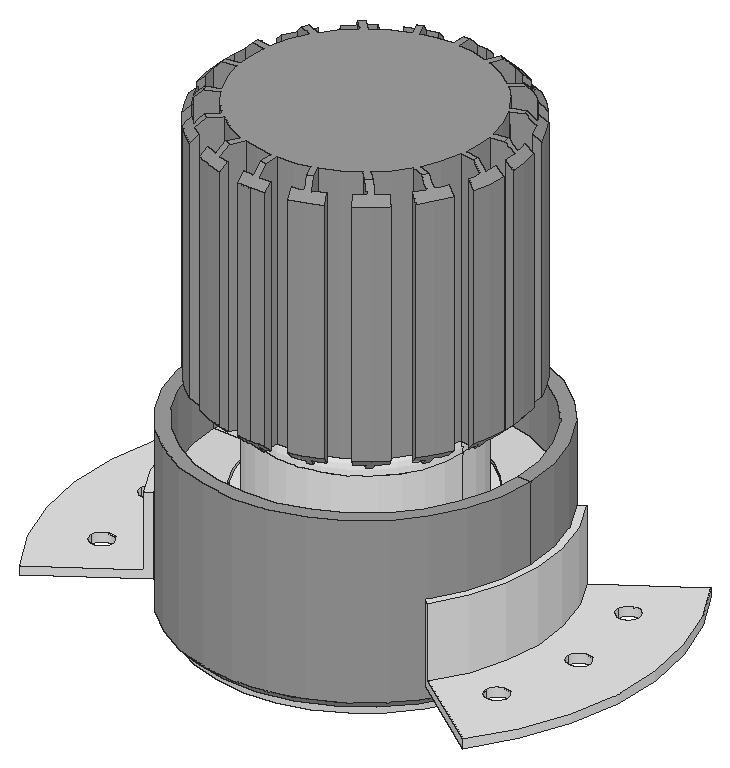
Revit family "Alcon-14143-R-Revit-Family", category Lighting Fixtures, host Ceiling, Revit 2021
Family settings
  Host = Ceiling
  Round Connector Dimension = Use Diameter
  Part Type = Normal
  Always vertical = Yes
  Cut with Voids When Loaded = No
  Light Source = Yes
  Shared = No
  Room Calculation Point = No
Parameters
  Wattage = 9.2903 W
  built-in parameter 1150110 = 1 (stored number, unit not read)
  built-in parameter 1114217 = 1 (stored number, unit not read)
  Tilt Angle = 60.00°
  built-in parameter 1150109 = 1 (stored number, unit not read)
  built-in parameter 1150134 = 3
  built-in parameter 1150113 = 1 (stored number, unit not read)
  built-in parameter 1010507 = 1.5708 (stored number, unit not read)
  built-in parameter 1010506 = 0.5236 (stored number, unit not read)
  Reflector = Reflector
  Product Identity = "Alcon Light 14143-R"
  Mud Ring = Plastic
  Manufacturer = "Alcon Light"
  built-in parameter 1150105 = 4614.1 (stored number, unit not read)
  Lumens = 1380 lm
  built-in parameter 1150115 = 1 (stored number, unit not read)
  Link To Product Page = "https://www.alconlighting.com/14143-3-inch-round-architectural-led-trimless-recessed-light-fixture.html"
  Light Source Symbol Length = 10' - 0"
  Light Source = Light Source
  built-in parameter 1150137 = (empty or 0)
  built-in parameter 1150139 = (empty or 0)
  built-in parameter 1150112 = 1 (stored number, unit not read)
  built-in parameter 1150114 = 1 (stored number, unit not read)
  built-in parameter 1150132 = (empty or 0)
  built-in parameter 1150102 = (empty or 0)
  built-in parameter 1150107 = 3200 (stored number, unit not read)
  built-in parameter 1150138 = (empty or 0)
  built-in parameter 1150106 = 46.141 (stored number, unit not read)
  Housing = Default
  built-in parameter 1150104 = 13.8 (stored number, unit not read)
  Dimming Lamp Color Temperature Shift = (empty or 0)
  Default Elevation = 0' - 0"
  Color Filter = 16777215
  built-in parameter 1114218 = 1 (stored number, unit not read)
  built-in parameter 1150133 = 10 (stored number, unit not read)
Reference planes (in)
  plane 1 "Center (Front/Back)": y = 0
  plane 2 "Ceiling": z = 96
  plane 3 "Center (Left/Right)": x = 0
Forms (in)
  Extrusion 1, solid, material "Plastic" <- "Mud Ring"
    sketch origin (0, 0, 96) x (1, 0, 0) y (0, 1, 0)
      loop
        line (-2.2225, -1.55453) -> (-1.36028, -0.95145)
        arc (-1.36028, -0.95145) -> (-1.66, 0) -> (-1.36028, 0.95145) r 1.66
        line (-1.36028, 0.95145) -> (-2.2225, 1.55453)
        arc (-2.2225, 1.55453) -> (-2.735, 0) -> (-2.2225, -1.55453) r 2.61386
      loop
        arc (2.2225, -1.55453) -> (2.735, 0) -> (2.2225, 1.55453) r 2.61386
        line (2.2225, 1.55453) -> (1.36028, 0.95145)
        arc (1.36028, 0.95145) -> (1.66, 0) -> (1.36028, -0.95145) r 1.66
        line (1.36028, -0.95145) -> (2.2225, -1.55453)
      loop
        circle (-1.98381, 0.8256) r 0.11065
      loop
        circle (-1.98381, -0.8256) r 0.11065
      loop
        circle (-2.14758, 0) r 0.11065
      loop
        circle (1.98381, 0.8256) r 0.11065
      loop
        circle (1.98381, -0.8256) r 0.11065
      loop
        circle (2.14758, 0) r 0.11065
    from 0.125 to 0.9045
  Extrusion 2, void
    sketch origin (0, 0, 96) x (1, 0, 0) y (0, 1, 0)
      loop
        line (-2.2225, -1.55453) -> (-1.4275, -0.99846)
        arc (-1.4275, -0.99846) -> (-1.74203, 0) -> (-1.4275, 0.99846) r 1.74203
        line (-1.4275, 0.99846) -> (-2.2225, 1.55453)
        arc (-2.2225, 1.55453) -> (-2.735, 0) -> (-2.2225, -1.55453) r 2.61386
      loop
        arc (2.2225, -1.55453) -> (2.735, 0) -> (2.2225, 1.55453) r 2.61386
        line (2.2225, 1.55453) -> (1.4275, 0.99846)
        arc (1.4275, 0.99846) -> (1.74203, 0) -> (1.4275, -0.99846) r 1.74203
        line (1.4275, -0.99846) -> (2.2225, -1.55453)
    from 0.20887 to 0.9045
  Revolve 3, solid, material "Default" <- "Housing"
    sketch origin (5.18508, 0, 0.0606) x (1, 0, 0) y (0, 0, 1)
      loop
        line (-3.65337, 97.5794) -> (-3.65337, 95.86162) -> (-3.60286, 95.86162) -> (-3.52508, 95.9394) -> (-3.52508, 97.5794) -> (-3.65337, 97.5794)
      axis (-5.18508, 97.5794) -> (-5.18508, 95.86162)
    angle from 0 to 360
  Extrusion 4, solid, material "Default" <- "Housing"
    sketch origin (0, 0, 97) x (1, 0, 0) y (0, 1, 0)
      loop
        arc (-1.36418, 0.0634) -> (-1.36028, 0.12112) -> (-1.35393, 0.17862) r 1.36566
        line (-1.35393, 0.17862) -> (-1.13513, 0.14482)
        arc (-1.13513, 0.14482) -> (-1.14433, 0) -> (-1.13513, -0.14482) r 1.14433
        line (-1.13513, -0.14482) -> (-1.35393, -0.17862)
        arc (-1.35393, -0.17862) -> (-1.36028, -0.12112) -> (-1.36418, -0.0634) r 1.36566
        line (-1.36418, -0.0634) -> (-1.43792, -0.0634)
        arc (-1.43792, -0.0634) -> (-1.42244, -0.21978) -> (-1.39, -0.37354) r 1.43932
        line (-1.39, -0.37354) -> (-1.31886, -0.35442)
        arc (-1.31886, -0.35442) -> (-1.33304, -0.29667) -> (-1.3447, -0.23835) r 1.36566
        line (-1.3447, -0.23835) -> (-1.1259, -0.20454)
        arc (-1.1259, -0.20454) -> (-1.07711, -0.38641) -> (-0.99917, -0.55781) r 1.14433
        line (-0.99917, -0.55781) -> (-1.20459, -0.64342)
        arc (-1.20459, -0.64342) -> (-1.23399, -0.58505) -> (-1.26057, -0.52534) r 1.36566
        line (-1.26057, -0.52534) -> (-1.32857, -0.55367)
        arc (-1.32857, -0.55367) -> (-1.25842, -0.69859) -> (-1.17252, -0.83477) r 1.43932
        line (-1.17252, -0.83477) -> (-1.11251, -0.79204)
        arc (-1.11251, -0.79204) -> (-1.14462, -0.74489) -> (-1.17473, -0.69645) r 1.36566
        line (-1.17473, -0.69645) -> (-0.968, -0.6103)
        arc (-0.968, -0.6103) -> (-0.86804, -0.74565) -> (-0.7493, -0.86489) r 1.14433
        line (-0.7493, -0.86489) -> (-0.90614, -1.02173)
        arc (-0.90614, -1.02173) -> (-0.95074, -0.98036) -> (-0.99346, -0.93705) r 1.36566
        line (-0.99346, -0.93705) -> (-1.04557, -0.98916)
        arc (-1.04557, -0.98916) -> (-0.93551, -1.09383) -> (-0.81504, -1.18632) r 1.43932
        line (-0.81504, -1.18632) -> (-0.77332, -1.12561)
        arc (-0.77332, -1.12561) -> (-0.81725, -1.09413) -> (-0.85989, -1.06094) r 1.36566
        line (-0.85989, -1.06094) -> (-0.70237, -0.90342)
        arc (-0.70237, -0.90342) -> (-0.5511, -1.00288) -> (-0.38604, -1.07725) r 1.14433
        line (-0.38604, -1.07725) -> (-0.48371, -1.27712)
        arc (-0.48371, -1.27712) -> (-0.54224, -1.25339) -> (-0.5996, -1.22699) r 1.36566
        line (-0.5996, -1.22699) -> (-0.63194, -1.29317)
        arc (-0.63194, -1.29317) -> (-0.48773, -1.35417) -> (-0.33775, -1.39913) r 1.43932
        line (-0.33775, -1.39913) -> (-0.32046, -1.32753)
        arc (-0.32046, -1.32753) -> (-0.37371, -1.31353) -> (-0.42636, -1.2974) r 1.36566
        line (-0.42636, -1.2974) -> (-0.32808, -1.09629)
        arc (-0.32808, -1.09629) -> (-0.18073, -1.12997) -> (-0.03022, -1.14393) r 1.14433
        line (-0.03022, -1.14393) -> (-0.03022, -1.36532)
        arc (-0.03022, -1.36532) -> (-0.08187, -1.3632) -> (-0.13341, -1.35912) r 1.36566
        line (-0.13341, -1.35912) -> (-0.13341, -1.43312)
        arc (-0.13341, -1.43312) -> (-0.06678, -1.43777) -> (0, -1.43932) r 1.43932
        arc (0, -1.43932) -> (0.06678, -1.43777) -> (0.13341, -1.43312) r 1.43932
        line (0.13341, -1.43312) -> (0.13341, -1.35912)
        arc (0.13341, -1.35912) -> (0.08187, -1.3632) -> (0.03022, -1.36532) r 1.36566
        line (0.03022, -1.36532) -> (0.03022, -1.14393)
        arc (0.03022, -1.14393) -> (0.18073, -1.12997) -> (0.32808, -1.09629) r 1.14433
        line (0.32808, -1.09629) -> (0.42636, -1.2974)
        arc (0.42636, -1.2974) -> (0.37371, -1.31353) -> (0.32046, -1.32753) r 1.36566
        line (0.32046, -1.32753) -> (0.33775, -1.39913)
        arc (0.33775, -1.39913) -> (0.48773, -1.35417) -> (0.63194, -1.29317) r 1.43932
        line (0.63194, -1.29317) -> (0.5996, -1.22699)
        arc (0.5996, -1.22699) -> (0.54224, -1.25339) -> (0.48371, -1.27712) r 1.36566
        line (0.48371, -1.27712) -> (0.38604, -1.07725)
        arc (0.38604, -1.07725) -> (0.5511, -1.00288) -> (0.70237, -0.90342) r 1.14433
        line (0.70237, -0.90342) -> (0.85989, -1.06094)
        arc (0.85989, -1.06094) -> (0.81725, -1.09413) -> (0.77332, -1.12561) r 1.36566
        line (0.77332, -1.12561) -> (0.81504, -1.18632)
        arc (0.81504, -1.18632) -> (0.93551, -1.09383) -> (1.04557, -0.98916) r 1.43932
        line (1.04557, -0.98916) -> (0.99346, -0.93705)
        arc (0.99346, -0.93705) -> (0.95074, -0.98036) -> (0.90614, -1.02173) r 1.36566
        line (0.90614, -1.02173) -> (0.7493, -0.86489)
        arc (0.7493, -0.86489) -> (0.86804, -0.74565) -> (0.968, -0.6103) r 1.14433
        line (0.968, -0.6103) -> (1.17473, -0.69645)
        arc (1.17473, -0.69645) -> (1.14462, -0.74489) -> (1.11251, -0.79204) r 1.36566
        line (1.11251, -0.79204) -> (1.17252, -0.83477)
        arc (1.17252, -0.83477) -> (1.25842, -0.69859) -> (1.32857, -0.55367) r 1.43932
        line (1.32857, -0.55367) -> (1.26057, -0.52534)
        arc (1.26057, -0.52534) -> (1.23399, -0.58505) -> (1.20459, -0.64342) r 1.36566
        line (1.20459, -0.64342) -> (0.99917, -0.55781)
        arc (0.99917, -0.55781) -> (1.07711, -0.38641) -> (1.1259, -0.20454) r 1.14433
        line (1.1259, -0.20454) -> (1.3447, -0.23835)
        arc (1.3447, -0.23835) -> (1.33304, -0.29667) -> (1.31886, -0.35442) r 1.36566
        line (1.31886, -0.35442) -> (1.39, -0.37354)
        arc (1.39, -0.37354) -> (1.42244, -0.21978) -> (1.43792, -0.0634) r 1.43932
        line (1.43792, -0.0634) -> (1.36418, -0.0634)
        arc (1.36418, -0.0634) -> (1.36028, -0.12112) -> (1.35393, -0.17862) r 1.36566
        line (1.35393, -0.17862) -> (1.13513, -0.14482)
        arc (1.13513, -0.14482) -> (1.14433, 0) -> (1.13513, 0.14482) r 1.14433
        line (1.13513, 0.14482) -> (1.35393, 0.17862)
        arc (1.35393, 0.17862) -> (1.36028, 0.12112) -> (1.36418, 0.0634) r 1.36566
        line (1.36418, 0.0634) -> (1.43792, 0.0634)
        arc (1.43792, 0.0634) -> (1.42244, 0.21978) -> (1.39, 0.37354) r 1.43932
        line (1.39, 0.37354) -> (1.31886, 0.35442)
        arc (1.31886, 0.35442) -> (1.33304, 0.29667) -> (1.3447, 0.23835) r 1.36566
        line (1.3447, 0.23835) -> (1.1259, 0.20454)
        arc (1.1259, 0.20454) -> (1.07711, 0.38641) -> (0.99917, 0.55781) r 1.14433
        line (0.99917, 0.55781) -> (1.20459, 0.64342)
        arc (1.20459, 0.64342) -> (1.23399, 0.58505) -> (1.26057, 0.52534) r 1.36566
        line (1.26057, 0.52534) -> (1.32857, 0.55367)
        arc (1.32857, 0.55367) -> (1.25842, 0.69859) -> (1.17252, 0.83477) r 1.43932
        line (1.17252, 0.83477) -> (1.11251, 0.79204)
        arc (1.11251, 0.79204) -> (1.14462, 0.74489) -> (1.17473, 0.69645) r 1.36566
        line (1.17473, 0.69645) -> (0.968, 0.6103)
        arc (0.968, 0.6103) -> (0.86804, 0.74565) -> (0.7493, 0.86489) r 1.14433
        line (0.7493, 0.86489) -> (0.90614, 1.02173)
        arc (0.90614, 1.02173) -> (0.95074, 0.98036) -> (0.99346, 0.93705) r 1.36566
        line (0.99346, 0.93705) -> (1.04557, 0.98916)
        arc (1.04557, 0.98916) -> (0.93551, 1.09383) -> (0.81504, 1.18632) r 1.43932
        line (0.81504, 1.18632) -> (0.77332, 1.12561)
        arc (0.77332, 1.12561) -> (0.81725, 1.09413) -> (0.85989, 1.06094) r 1.36566
        line (0.85989, 1.06094) -> (0.70237, 0.90342)
        arc (0.70237, 0.90342) -> (0.5511, 1.00288) -> (0.38604, 1.07725) r 1.14433
        line (0.38604, 1.07725) -> (0.48371, 1.27712)
        arc (0.48371, 1.27712) -> (0.54224, 1.25339) -> (0.5996, 1.22699) r 1.36566
        line (0.5996, 1.22699) -> (0.63194, 1.29317)
        arc (0.63194, 1.29317) -> (0.48773, 1.35417) -> (0.33775, 1.39913) r 1.43932
        line (0.33775, 1.39913) -> (0.32046, 1.32753)
        arc (0.32046, 1.32753) -> (0.37371, 1.31353) -> (0.42636, 1.2974) r 1.36566
        line (0.42636, 1.2974) -> (0.32808, 1.09629)
        arc (0.32808, 1.09629) -> (0.18073, 1.12997) -> (0.03022, 1.14393) r 1.14433
        line (0.03022, 1.14393) -> (0.03022, 1.36532)
        arc (0.03022, 1.36532) -> (0.08187, 1.3632) -> (0.13341, 1.35912) r 1.36566
        line (0.13341, 1.35912) -> (0.13341, 1.43312)
        arc (0.13341, 1.43312) -> (0.06678, 1.43777) -> (0, 1.43932) r 1.43932
        arc (0, 1.43932) -> (-0.06678, 1.43777) -> (-0.13341, 1.43312) r 1.43932
        line (-0.13341, 1.43312) -> (-0.13341, 1.35912)
        arc (-0.13341, 1.35912) -> (-0.08187, 1.3632) -> (-0.03022, 1.36532) r 1.36566
        line (-0.03022, 1.36532) -> (-0.03022, 1.14393)
        arc (-0.03022, 1.14393) -> (-0.18073, 1.12997) -> (-0.32808, 1.09629) r 1.14433
        line (-0.32808, 1.09629) -> (-0.42636, 1.2974)
        arc (-0.42636, 1.2974) -> (-0.37371, 1.31353) -> (-0.32046, 1.32753) r 1.36566
        line (-0.32046, 1.32753) -> (-0.33775, 1.39913)
        arc (-0.33775, 1.39913) -> (-0.48773, 1.35417) -> (-0.63194, 1.29317) r 1.43932
        line (-0.63194, 1.29317) -> (-0.5996, 1.22699)
        arc (-0.5996, 1.22699) -> (-0.54224, 1.25339) -> (-0.48371, 1.27712) r 1.36566
        line (-0.48371, 1.27712) -> (-0.38604, 1.07725)
        arc (-0.38604, 1.07725) -> (-0.5511, 1.00288) -> (-0.70237, 0.90342) r 1.14433
        line (-0.70237, 0.90342) -> (-0.85989, 1.06094)
        arc (-0.85989, 1.06094) -> (-0.81725, 1.09413) -> (-0.77332, 1.12561) r 1.36566
        line (-0.77332, 1.12561) -> (-0.81504, 1.18632)
        arc (-0.81504, 1.18632) -> (-0.93551, 1.09383) -> (-1.04557, 0.98916) r 1.43932
        line (-1.04557, 0.98916) -> (-0.99346, 0.93705)
        arc (-0.99346, 0.93705) -> (-0.95074, 0.98036) -> (-0.90614, 1.02173) r 1.36566
        line (-0.90614, 1.02173) -> (-0.7493, 0.86489)
        arc (-0.7493, 0.86489) -> (-0.86804, 0.74565) -> (-0.968, 0.6103) r 1.14433
        line (-0.968, 0.6103) -> (-1.17473, 0.69645)
        arc (-1.17473, 0.69645) -> (-1.14462, 0.74489) -> (-1.11251, 0.79204) r 1.36566
        line (-1.11251, 0.79204) -> (-1.17252, 0.83477)
        arc (-1.17252, 0.83477) -> (-1.25842, 0.69859) -> (-1.32857, 0.55367) r 1.43932
        line (-1.32857, 0.55367) -> (-1.26057, 0.52534)
        arc (-1.26057, 0.52534) -> (-1.23399, 0.58505) -> (-1.20459, 0.64342) r 1.36566
        line (-1.20459, 0.64342) -> (-0.99917, 0.55781)
        arc (-0.99917, 0.55781) -> (-1.07711, 0.38641) -> (-1.1259, 0.20454) r 1.14433
        line (-1.1259, 0.20454) -> (-1.3447, 0.23835)
        arc (-1.3447, 0.23835) -> (-1.33304, 0.29667) -> (-1.31886, 0.35442) r 1.36566
        line (-1.31886, 0.35442) -> (-1.39, 0.37354)
        arc (-1.39, 0.37354) -> (-1.42244, 0.21978) -> (-1.43792, 0.0634) r 1.43932
        line (-1.43792, 0.0634) -> (-1.36418, 0.0634)
    from 0.91191 to 3.49473
  Revolve 5, solid, material "Reflector" <- "Reflector"
    sketch origin (0, 0, 0) x (1, 0, 0) y (0, 0, 1)
      loop
        line (1.5317, 95.83818) -> (1.5317, 97.00598) -> (1.0802, 97.00598) -> (1.0802, 96.9045)
        arc (1.0802, 96.9045) -> (1.36783, 96.4923) -> (1.4692, 96) r 1.24606
        line (1.4692, 96) -> (1.4692, 95.83818) -> (1.5317, 95.83818)
      axis (0, 97.00598) -> (0, 95.83818)
    angle from 0 to 360
  Revolve 6, solid, material "Light Source" <- "Light Source"
    sketch origin (0, 0, 0) x (1, 0, 0) y (0, 0, 1)
      loop
        line (0, 97.91191) -> (0, 97.81035) -> (0.10375, 97.81035)
        arc (0.10375, 97.81035) -> (0.66465, 97.57336) -> (0.88567, 97.00598) r 0.78224
        line (0.88567, 97.00598) -> (0.82671, 97.00598) -> (0.82671, 96.88986) -> (1.06466, 96.88986) -> (1.06466, 97.00598) -> (0.98017, 97.00598) -> (0.98017, 97.66191)
        arc (0.98017, 97.66191) -> (0.90695, 97.83869) -> (0.73017, 97.91191) r 0.25
        line (0.73017, 97.91191) -> (0, 97.91191)
      axis (0, 97.91191) -> (0, 96.88986)
    angle from 0 to 360
  Revolve 7, void
    sketch origin (0, 0, 0) x (1, 0, 0) y (0, 0, 1)
      loop
        line (1.20734, 97.82111) -> (1.63348, 97.82111) -> (1.63348, 100.57111) -> (1.2015, 100.57111) -> (1.48704, 100.28558) -> (1.48704, 98.10081) -> (1.20734, 97.82111)
      axis (0, 100.57111) -> (0, 97.82111)
    angle from 0 to 360
  Extrusion 8, void
    sketch origin (0, 0, 96) x (1, 0, 0) y (0, 1, 0)
      loop
        circle (0, 0) r 1.66
    from -0.41697 to 1.64062
Cuts and joins
  Extrusion 2 cuts Extrusion 1
  Revolve 7 cuts Extrusion 4
Lines and regions (in)
  symbolic lines
    curve 1: line (-2.735, 0, 96.125) -> (-2.735, 0, 96.18037)
    curve 2: line (2.735, 0, 96.125) -> (2.735, 0, 96.18037)
Dimensions and locks (in)
  equal spacing: host sketch curve, plane 3 "Center (Left/Right)", host sketch curve
  equal spacing: host sketch curve, plane 1 "Center (Front/Back)", host sketch curve
  host sketch curve to host sketch curve = 10' - 0"  (x2)
  curve 2 to curve 1 = 0' - 5.47"
  Revolve 5 to Revolve 5 = 0' - 3.06341"
  Extrusion 8 to plane 2 "Ceiling" = 0' - 1 41/64"
